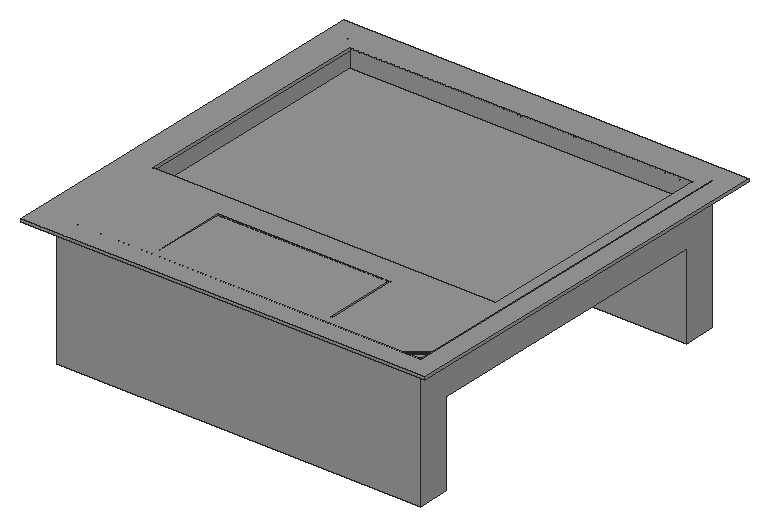
Revit family "Geräteeinsätze GES_Geräteeinsatz_GES4M-2_mit_Griffbügel", category Generic Models, Revit 2015
Parameters (values of type "GES4M-2 10U")
  Width 2 = 199.5 mm
  Width = 222 mm
  URL = "http://www.obo-bettermann.com"
  Snur width = 93 mm
  Material = Stainless Steel, Brushed
  Manufacturer Art. No. = "7405191"
  Manufacturer = "OBO Bettermann"
  Inner cut2 = 17 mm
  Inner cut = 17 mm
  Height = 71 mm
  GTIN = "4012196028726"
  Article Type = "GES4M2-10U"
Reference planes
  plane 1 "Center (Front/Back)": y = 0
  plane 2: z = 0
  plane 3 "Center (Left/Right)": x = 0
  plane 4: z = -71
  plane 5: x = -111
  plane 6: x = 111
  plane 7: y = 111
  plane 8: y = -111
  plane 9: z = 1.5
  plane 10: y = 99.75
  plane 11: y = -99.75
  plane 12: x = -99.75
  plane 13: x = 99.75
  plane 14: y = -41
  plane 15: y = 94
  plane 16: x = -94
  plane 17: x = 94
  plane 18: z = -8.5
  plane 19: x = -89.75
  plane 20: x = 89.75
  plane 21: y = -82.75
  plane 22: y = 82.75
  plane 23: z = -24.5
  plane 24: x = -46.5
  plane 25: x = 46.5
  plane 26: y = -56
  plane 27: x = -47.5
  plane 28: x = 47.5
  plane 29: y = -95
  plane 30: y = -55
  plane 31: y = -56
Forms (mm)
  Extrusion 1, solid, material "Stainless Steel, Brushed" <- "Material"
    sketch origin (0, 0, 0) x (1, 0, 0) y (0, 1, 0)
      loop
        line (-111, 111) -> (-111, -111) -> (111, -111) -> (111, 111) -> (-111, 111)
    from 1.5 to 0
  Extrusion 2, solid, material "Stainless Steel, Brushed" <- "Material"
    sketch origin (0, 0, 0) x (1, 0, 0) y (0, 1, 0)
      loop
        line (-99.75, 99.75) -> (-99.75, -99.75) -> (99.75, -99.75) -> (99.75, 99.75) -> (-99.75, 99.75)
    from -71 to 1.5
  Extrusion 3, void
    sketch origin (0, 0, 0) x (1, 0, 0) y (0, 1, 0)
      loop
        line (-94, 94) -> (-94, -41) -> (94, -41) -> (94, 94) -> (-94, 94)
    from -8.5 to 1.5
  Extrusion 4, void
    sketch origin (0, 0, 0) x (1, 0, 0) y (0, 1, 0)
      loop
        line (89.75, 82.75) -> (-89.75, 82.75) -> (-89.75, -82.75) -> (89.75, -82.75) -> (89.75, 82.75)
    from -71 to -24.5
  Extrusion 5, void
    sketch origin (0, 0, 0) x (1, 0, 0) y (0, 1, 0)
      loop
        line (-47.5, -55) -> (-47.5, -95) -> (-46.5, -95) -> (-46.5, -56) -> (46.5, -56) -> (46.5, -95) -> (47.5, -95) -> (47.5, -55) -> (-47.5, -55)
    from -24.5 to 1.5
  Extrusion 6, void
    sketch origin (0, 0, 0) x (0, 1, 0) y (0, 0, 1)
      loop
        line (82.75, -71) -> (82.75, -24.5) -> (-82.75, -24.5) -> (-82.75, -71) -> (82.75, -71)
    from -111 to 250
Cuts and joins
  Extrusion 3, Extrusion 4, Extrusion 5 cuts Extrusion 1
  Extrusion 3, Extrusion 4, Extrusion 5, Extrusion 6 cuts Extrusion 2
Lines and regions (mm)
  model lines
    curve 1: line (-111, -111, 0) -> (-111, 111, 0)
    curve 2: line (-111, 111, 0) -> (111, 111, 0)
    curve 3: line (111, 111, 0) -> (111, -111, 0)
    curve 4: line (111, -111, 0) -> (-111, -111, 0)
    curve 5: line (-99.75, 99.75, 0) -> (99.75, 99.75, 0)
    curve 6: line (99.75, 99.75, 0) -> (99.75, -99.75, 0)
    curve 7: line (99.75, -99.75, 0) -> (-99.75, -99.75, 0)
    curve 8: line (-99.75, -99.75, 0) -> (-99.75, 99.75, 0)
    curve 9: line (-94, 94, 0) -> (94, 94, 0)
    curve 10: line (94, 94, 0) -> (94, -41, 0)
    curve 11: line (94, -41, 0) -> (-94, -41, 0)
    curve 12: line (-94, -41, 0) -> (-94, 94, 0)
    curve 13: line (-89.75, 82.75, 0) -> (-89.75, -82.75, 0)
    curve 14: line (-89.75, -82.75, 0) -> (89.75, -82.75, 0)
    curve 15: line (89.75, -82.75, 0) -> (89.75, 82.75, 0)
    curve 16: line (89.75, 82.75, 0) -> (-89.75, 82.75, 0)
    curve 17: line (-46.5, -95, 0) -> (-46.5, -56, 0)
    curve 18: line (-46.5, -56, 0) -> (46.5, -56, 0)
    curve 19: line (46.5, -56, 0) -> (46.5, -95, 0)
    curve 20: line (47.5, -95, 0) -> (47.5, -55, 0)
    curve 21: line (47.5, -55, 0) -> (-47.5, -55, 0)
    curve 22: line (-47.5, -55, 0) -> (-47.5, -95, 0)
    curve 23: line (-47.5, -95, 0) -> (-46.5, -95, 0)
    curve 24: line (46.5, -95, 0) -> (47.5, -95, 0)
    curve 25: line (0, -82.75, -71) -> (0, -82.75, -24.5)
    curve 26: line (0, -82.75, -24.5) -> (0, 82.75, -24.5)
    curve 27: line (0, 82.75, -24.5) -> (0, 82.75, -71)
    curve 28: line (0, 82.75, -71) -> (0, 82.75, -24.5)
Dimensions and locks
  "Height": plane 4 to level
  locked: level to plane 9 at 1.5
  locked: plane 18 to plane 9 at 10
  locked: plane 23 to plane 9 at 26
  equal spacing: plane 5, plane 3 "Center (Left/Right)", plane 6
  "Width": plane 5 to plane 6
  equal spacing: plane 7, plane 1 "Center (Front/Back)", plane 8
  "Width": plane 7 to plane 8
  equal spacing: plane 12, plane 3 "Center (Left/Right)", plane 13
  "Width 2": plane 12 to plane 13
  equal spacing: plane 10, plane 1 "Center (Front/Back)", plane 11
  "Width 2": plane 10 to plane 11
  locked: plane 12 to plane 19 at 10
  plane 20 to plane 13 = 10 mm
  locked: plane 21 to plane 11 at 17
  "Inner cut2": plane 10 to plane 22
  "Inner cut": plane 7 to plane 15
  locked: plane 14 to plane 8 at 70
  "Inner cut2": plane 17 to plane 6
  "Inner cut2": plane 5 to plane 16
  "Snur width": plane 24 to plane 25
  equal spacing: plane 24, plane 3 "Center (Left/Right)", plane 25
  locked: plane 27 to plane 24 at 1
  locked: plane 25 to plane 28 at 1
  locked: cut or joined group of Extrusion 2, Extrusion 3, Extrusion 4, Extrusion 5, Extrusion 6 to plane 30 at 14
  locked: plane 30 to plane 31 at 1
  plane 30 to plane 29 = 40 mm
  aligned and locked: level to plane 2
  aligned and locked: plane 5 to curve 1
  aligned and locked: curve 2 to plane 7
  aligned and locked: curve 3 to plane 6
  aligned and locked: plane 8 to curve 4
  aligned and locked: Extrusion 1 sketch curve to curve 2
  aligned and locked: Extrusion 1 sketch curve to curve 3
  aligned and locked: Extrusion 1 sketch curve to curve 4
  aligned and locked: Extrusion 1 sketch curve to curve 1
  aligned and locked: Extrusion 1 to plane 9
  aligned and locked: level to Extrusion 1
  aligned and locked: curve 5 to plane 10
  aligned and locked: curve 6 to plane 13
  aligned and locked: plane 11 to curve 7
  aligned and locked: plane 12 to curve 8
  aligned and locked: Extrusion 2 sketch curve to curve 5
  aligned and locked: Extrusion 2 sketch curve to curve 8
  aligned and locked: Extrusion 2 sketch curve to curve 6
  aligned and locked: Extrusion 2 sketch curve to curve 7
  aligned and locked: Extrusion 2 to plane 4
  aligned and locked: plane 9 to Extrusion 2
  aligned and locked: curve 9 to plane 15
  aligned and locked: curve 10 to plane 17
  aligned and locked: plane 14 to curve 11
  aligned and locked: plane 16 to curve 12
  aligned and locked: Extrusion 3 sketch curve to curve 9
  aligned and locked: Extrusion 3 sketch curve to curve 10
  aligned and locked: Extrusion 3 sketch curve to curve 11
  aligned and locked: Extrusion 3 sketch curve to curve 12
  aligned and locked: Extrusion 3 to plane 18
  aligned and locked: plane 9 to Extrusion 3
  aligned and locked: curve 13 to plane 19
  aligned and locked: curve 14 to plane 21
  aligned and locked: plane 20 to curve 15
  aligned and locked: plane 22 to curve 16
  aligned and locked: Extrusion 4 sketch curve to curve 16
  aligned and locked: Extrusion 4 sketch curve to curve 13
  aligned and locked: Extrusion 4 sketch curve to curve 14
  aligned and locked: Extrusion 4 sketch curve to curve 15
  aligned and locked: Extrusion 4 to plane 4
  aligned and locked: plane 23 to Extrusion 4
  aligned and locked: curve 17 to plane 24
  aligned and locked: curve 18 to plane 26
  aligned and locked: curve 19 to plane 25
  aligned and locked: plane 28 to curve 20
  aligned and locked: curve 22 to plane 27
  aligned and locked: curve 23 to plane 29
  aligned and locked: plane 29 to curve 24
  aligned and locked: Extrusion 5 sketch curve to curve 22
  aligned and locked: Extrusion 5 sketch curve to curve 17
  aligned and locked: Extrusion 5 sketch curve to curve 23
  aligned and locked: Extrusion 5 sketch curve to curve 18
  aligned and locked: Extrusion 5 sketch curve to curve 21
  aligned and locked: Extrusion 5 sketch curve to curve 19
  aligned and locked: Extrusion 5 sketch curve to curve 20
  aligned and locked: Extrusion 5 sketch curve to curve 24
  aligned and locked: Extrusion 5 to cut or joined group of Extrusion 2, Extrusion 3, Extrusion 4, Extrusion 5, Extrusion 6
  aligned and locked: plane 9 to Extrusion 5
  aligned and locked: plane 30 to curve 21
  aligned and locked: plane 31 to plane 26
  aligned and locked: curve 26 to plane 23
  aligned and locked: curve 27 to plane 22
  aligned and locked: plane 22 to curve 28
  aligned and locked: Extrusion 6 to curve 1
Automatic sketch dimensions
  curve 14 to plane 19 = 0 mm
  Extrusion 5 sketch curve to plane 27 = 0 mm
  curve 27 to plane 4 = 0 mm
  curve 25 to plane 4 = 0 mm
  Extrusion 6 sketch curve to plane 22 = 0 mm
  Extrusion 6 sketch curve to plane 4 = 0 mm
  Extrusion 6 sketch curve to plane 23 = 0 mm
  Extrusion 6 sketch curve to plane 21 = 0 mm
  curve 25 to plane 21 = 0 mm
